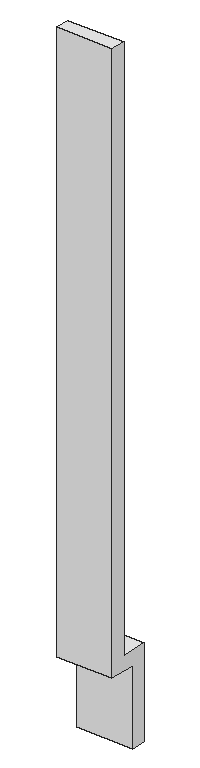
Revit family "M_Armário base-Puxador para mantimentos", category Componentes de gabinete, Revit 2019
Family settings
  Número OmniClass = 23.40.35.17.47.11
  Título OmniClass = Kitchen Casework
  ID de item do Seek = Base Cabinet-Filler-0000-CAN-ENU
  Com base no plano de trabalho = Não
  Sempre na vertical = Sim
  Corte com vazios quando carregada = Não
  Compartilhado = Não
  Ponto de cálculo do ambiente = Não
Parameters (values of type "75mm")
  Material do armário = none
  Linear = 600 mm
  Altura = 860 mm
  Profundidade da plataforma = 35 mm
  Altura do plinto = 100 mm
  Width [instance] = 75 mm
Reference planes
  plane 1 "Parte posterior": y = 0
  plane 2: z = 0
  plane 3 "Centro": x = 18.738
  plane 4 "Esquerda": x = -18.762
  plane 5 "Direita": x = 56.238
  plane 6 "Parte frontal": y = -600
  plane 7 "Superior": z = 860
  plane 8: y = -565
  plane 9: z = 100
  plane 10: z = 840.95
  plane 11: z = 119.05
  plane 12: z = 480
  plane 13: z = 460.95
Forms (mm)
  Sweep 1, solid, material <- "Material do armário"
    path origin (0, 0, 0) x (1, 0, 0) y (0, 1, 0)
      loop
        line (56.238, -600) -> (-18.762, -600)
    profile origin (18.738, 0, 0) x (0, -1, 0) y (0, 0, 1)
      loop
        line (565, 100) -> (600, 100) -> (600, 860) -> (580.95, 860) -> (580.95, 119.05) -> (545.95, 119.05) -> (545.95, 0) -> (565, 0) -> (565, 100)
Lines and regions (mm)
  Masking region 1
    outline origin (0, 0, 0) x (1, 0, 0) y (0, 1, 0)
      loop
        line (-18.762, 0) -> (-18.762, -600) -> (56.238, -600) -> (56.238, 0) -> (-18.762, 0)
Dimensions and locks
  "Linear": plane 6 "Parte frontal" to plane 1 "Parte posterior"
  "Width": plane 4 "Esquerda" to plane 5 "Direita"
  equal spacing: plane 4 "Esquerda", plane 3 "Centro", plane 5 "Direita"
  "Altura": level to plane 7 "Superior"
  "Altura do plinto": plane 2 to plane 9
  "Profundidade da plataforma": plane 6 "Parte frontal" to plane 8
  locked: plane 7 "Superior" to plane 10 at 19.05
  locked: plane 11 to plane 9 at 19.05
  equal spacing: plane 10, plane 12, plane 11
  locked: plane 12 to plane 13 at 19.05
  aligned and locked: Sweep 1 sketch curve to plane 6 "Parte frontal"
  aligned and locked: plane 7 "Superior" to Sweep 1 sketch curve
  aligned and locked: Sweep 1 sketch curve to plane 9
  aligned and locked: plane 6 "Parte frontal" to Sweep 1 sketch curve
  aligned and locked: Sweep 1 sketch curve to plane 8
  aligned and locked: plane 2 to Sweep 1 sketch curve
  aligned and locked: plane 1 "Parte posterior" to Masking region 1 sketch curve
  aligned and locked: Masking region 1 sketch curve to plane 4 "Esquerda"
  aligned and locked: plane 5 "Direita" to Masking region 1 sketch curve
  aligned and locked: Masking region 1 sketch curve to plane 6 "Parte frontal"
Automatic sketch dimensions
  Sweep 1 sketch curve to plane 5 "Direita" = 0 mm
  Sweep 1 sketch curve to plane 4 "Esquerda" = 0 mm
  Sweep 1 sketch curve to Sweep 1 sketch curve = 19.05 mm  (x2)
  profile plane to Sweep 1 sketch curve = 19.05 mm
